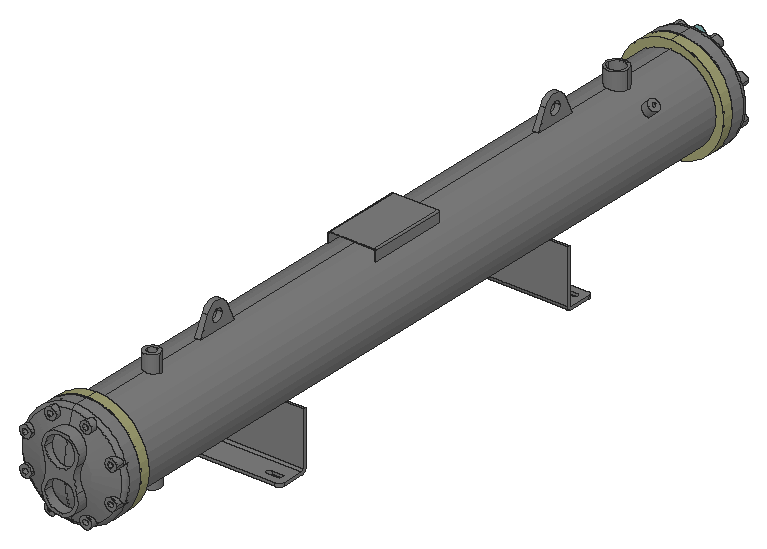
Revit family "MIT-BCM_120_4P", category Specialty Equipment, Revit 2022
Family settings
  Round Connector Dimension = Use Radius
  Part Type = Normal
  Work Plane-Based = No
  Always vertical = Yes
  Cut with Voids When Loaded = No
  Maintain Annotation Orientation = No
  Shared = No
  Room Calculation Point = No
Parameters
  URL = "https://en.ekinendustriyel.com/evaporators-and-condensers"
  Test Pressure = 64.35 bar
  Production Standard = "TS EN 13831"
  Operating Pressure = 45.0 bar
  Model = "MIT-BCM 120_4P"
  Manufacturer = "Ekin Endüstriyel"
  Keynote = "Condensers"
  Description = "MIT- Condensers"
  Default Elevation = 0 mm
Reference planes
  plane 1 "Center (Front/Back)": y = 0
  plane 2: z = 0
  plane 3 "Center (Left/Right)": x = 0
Forms (mm)
  Extrusion 1, solid, material "Ekin Endustriyel-S235JR"
    sketch origin (0, 0, 0) x (1, 0, 0) y (0, 0, 1)
      loop
        circle (0, 164.15) r 84.15
    from -677.708 to 682.368
  Extrusion 2, solid, material "Ekin Endustriyel-S235JR", detail levels fine
    sketch origin (0, 0, 0) x (1, 0, 0) y (0, 0, 1)
      loop
        line (-45, 235.88) -> (-44, 235.88) -> (-44, 252.88)
        arc (-44, 252.88) -> (-43.414, 254.294) -> (-42, 254.88) r 2
        line (-42, 254.88) -> (42, 254.88)
        arc (42, 254.88) -> (43.414, 254.294) -> (44, 252.88) r 2
        line (44, 252.88) -> (44, 235.88) -> (45, 235.88) -> (45, 252.88)
        arc (45, 252.88) -> (44.121, 255.002) -> (42, 255.88) r 3
        line (42, 255.88) -> (-42, 255.88)
        arc (-42, 255.88) -> (-44.121, 255.002) -> (-45, 252.88) r 3
        line (-45, 252.88) -> (-45, 235.88)
    from -72.707 to 77.293
  Extrusion 3, solid, material "Ekin Endustriyel-S235JR", detail levels fine
    sketch origin (0, 297.897, 0) x (1, 0, 0) y (0, 1, 0)
      loop
        circle (1.19, 249.81) r 20.25
      loop
        circle (1.19, 249.81) r 16.251
    from 278.3 to 204.31
  Extrusion 4, solid, material "Ekin Endustriyel-S235JR", detail levels fine
    sketch origin (0, -301.958, 0) x (1, 0, 0) y (0, 1, 0)
      loop
        circle (1.19, -250.334) r 15.25
      loop
        circle (1.19, -250.334) r 8.928
    from 278.3 to 211.07
  Extrusion 5, solid, material "Ekin Endustriyel-S235JR", detail levels fine
    sketch origin (71.72, 547.563, 235.87) x (0, 1, 0) y (-0.707107, 0, 0.707107)
      loop
        circle (0, 0) r 11
      loop
        circle (0, 0) r 4.216
    from 0 to -32.02
  Extrusion 6, solid, material "Ekin Endustriyel-S235JR", detail levels fine
    sketch origin (0, -302.583, 0) x (1, 0, 0) y (0, 1, 0)
      loop
        circle (1.19, -249.709) r 16.75
      loop
        circle (1.19, -249.709) r 13.335
    from 51.131 to 169.15
  Extrusion 7, solid, material "Ekin Endustriyel-AISI316L", detail levels medium+fine
    sketch origin (0, -352.034, 0) x (1, 0, 0) y (0, 0, 1)
      loop
        circle (0, 164.15) r 100
    from 330.334 to 350.334
  Extrusion 8, solid, material "Ekin Endustriyel-AISI316L", detail levels medium+fine
    sketch origin (0, 978.042, 0) x (1, 0, 0) y (0, 0, 1)
      loop
        circle (0, 164.15) r 100
    from 280.334 to 300.334
  Revolve 9, solid, material "Ekin Endustriyel-S235JR", detail levels medium+fine
    sketch origin (0, -352.034, 0) x (0, 1, 0) y (0, 0, 1)
      loop
        line (-352.334, 264.15) -> (-377.299, 264.15)
        arc (-377.299, 264.15) -> (-382.802, 262.5) -> (-386.489, 258.094) r 10
        arc (-386.489, 258.094) -> (-401.262, 212.101) -> (-407.122, 164.15) r 255.705
        line (-407.122, 164.15) -> (-352.334, 164.15) -> (-352.334, 264.15)
      axis (-352.334, 164.15) -> (-407.122, 164.15)
    angle from 0 to 360
  Revolve 10, solid, material "Ekin Endustriyel-S235JR", detail levels medium+fine
    sketch origin (0, 347.373, 0) x (0, -1, 0) y (0, 0, -1)
      loop
        line (-352.334, -264.15) -> (-352.334, -164.15) -> (-407.122, -164.15)
        arc (-407.122, -164.15) -> (-401.262, -212.101) -> (-386.489, -258.094) r 255.705
        arc (-386.489, -258.094) -> (-382.802, -262.5) -> (-377.299, -264.15) r 10
        line (-377.299, -264.15) -> (-352.334, -264.15)
      axis (-352.334, -164.15) -> (-407.122, -164.15)
    angle from 0 to 360
  Extrusion 11, solid, material "Ekin Endustriyel-S235JR", detail levels coarse
    sketch origin (0, 0, 0) x (1, 0, 0) y (0, 0, 1)
      loop
        circle (0, 164.159) r 99.991
    from -754.707 to 769.293
  Extrusion 12, solid, material "Ekin Endustriyel-S235JR"
    sketch origin (0, 173.042, 0) x (0, 1, 0) y (0, 0, 1)
      loop
        arc (134.666, 9) -> (137.302, 2.636) -> (143.666, 0) r 9
        line (143.666, 0) -> (194.666, 0) -> (194.666, 5) -> (143.666, 5)
        arc (143.666, 5) -> (140.837, 6.172) -> (139.666, 9) r 4
        line (139.666, 9) -> (139.666, 110) -> (134.666, 110) -> (134.666, 9)
    from -100 to 100
  Extrusion 13, void
    sketch origin (0, 367.707, 5) x (0, -1, 0) y (1, 0, 0)
      loop
        line (25.25, 63.5) -> (25.25, 83.5)
        arc (25.25, 83.5) -> (20, 88.75) -> (14.75, 83.5) r 5.25
        line (14.75, 83.5) -> (14.75, 63.5)
        arc (14.75, 63.5) -> (20, 58.25) -> (25.25, 63.5) r 5.25
      loop
        line (10, 100) -> (-10, 100) -> (-10, -100) -> (10, -100)
        arc (10, -100) -> (2.929, -97.071) -> (0, -90) r 10
        line (0, -90) -> (0, 90)
        arc (0, 90) -> (2.929, 97.071) -> (10, 100) r 10
      loop
        arc (14.75, -83.5) -> (20, -88.75) -> (25.25, -83.5) r 5.25
        line (25.25, -83.5) -> (25.25, -63.5)
        arc (25.25, -63.5) -> (20, -58.25) -> (14.75, -63.5) r 5.25
        line (14.75, -63.5) -> (14.75, -83.5)
    from -5 to 0
  Extrusion 14, solid, material "Ekin Endustriyel-S235JR"
    sketch origin (0, -177.627, 0) x (0, -1, 0) y (0, 0, -1)
      loop
        line (134.666, -9) -> (134.666, -110) -> (139.666, -110) -> (139.666, -9)
        arc (139.666, -9) -> (140.837, -6.172) -> (143.666, -5) r 4
        line (143.666, -5) -> (194.666, -5) -> (194.666, 0) -> (143.666, 0)
        arc (143.666, 0) -> (137.302, -2.636) -> (134.666, -9) r 9
    from -100 to 100
  Extrusion 15, void
    sketch origin (0, -372.293, 5) x (0, 1, 0) y (-1, 0, 0)
      loop
        arc (25.25, -63.5) -> (20, -58.25) -> (14.75, -63.5) r 5.25
        line (14.75, -63.5) -> (14.75, -83.5)
        arc (14.75, -83.5) -> (20, -88.75) -> (25.25, -83.5) r 5.25
        line (25.25, -83.5) -> (25.25, -63.5)
      loop
        arc (10, -100) -> (2.929, -97.071) -> (0, -90) r 10
        line (0, -90) -> (0, 90)
        arc (0, 90) -> (2.929, 97.071) -> (10, 100) r 10
        line (10, 100) -> (-10, 100) -> (-10, -100) -> (10, -100)
      loop
        line (14.75, 83.5) -> (14.75, 63.5)
        arc (14.75, 63.5) -> (20, 58.25) -> (25.25, 63.5) r 5.25
        line (25.25, 63.5) -> (25.25, 83.5)
        arc (25.25, 83.5) -> (20, 88.75) -> (14.75, 83.5) r 5.25
    from -5 to 0
  Extrusion 16, solid, material "Ekin Endustriyel-S235JR", detail levels medium+fine
    sketch origin (40, -352.034, 0) x (1, 0, 0) y (0, 0, 1)
      loop
        circle (-38.81, 201.65) r 28.5
      loop
        circle (-38.81, 126.65) r 28.5
      loop
        arc (-8.128, 185.875) -> (-37.187, 236.112) -> (-70.839, 188.829) r 34.5
        arc (-70.839, 188.829) -> (-65.102, 164.15) -> (-70.839, 139.471) r 55.945
        arc (-70.839, 139.471) -> (-38.81, 92.15) -> (-6.781, 139.471) r 34.5
        arc (-6.781, 139.471) -> (-12.495, 162.527) -> (-8.128, 185.875) r 55.945
    from 390.526 to 417.259
  Extrusion 17, solid, material "Ekin Endustriyel-Zinc", detail levels medium+fine
    sketch origin (0, 348.042, 0) x (1, 0, 0) y (0, 0, 1)
      loop
        circle (0, 246.649) r 12.497
      loop
        circle (0, 246.649) r 5.497
    from -396.666 to -367.889
  Extrusion 18, solid, material "Ekin Endustriyel-S235JR", detail levels medium+fine
    sketch origin (0, -352.034, 0) x (1, 0, 0) y (0, 0, -1)
      loop
        circle (-80.837, -197.64) r 11
      loop
        circle (-80.837, -197.64) r 5.497
      loop
        circle (-80.837, -130.66) r 11
      loop
        circle (-80.837, -130.66) r 5.497
      loop
        circle (80.837, -197.64) r 11
      loop
        circle (80.837, -197.64) r 5.497
      loop
        circle (80.837, -130.66) r 11
      loop
        circle (80.837, -130.66) r 5.497
      loop
        circle (33.49, -244.987) r 11
      loop
        circle (33.49, -244.987) r 5.497
      loop
        circle (-33.49, -244.987) r 11
      loop
        circle (-33.49, -244.987) r 5.497
      loop
        circle (33.49, -83.313) r 11
      loop
        circle (33.49, -83.313) r 5.497
      loop
        circle (-33.49, -83.313) r 11
      loop
        circle (-33.49, -83.313) r 5.497
    from -396.666 to -367.889
  Extrusion 19, solid, material "Ekin Endustriyel-S235JR", detail levels medium+fine
    sketch origin (0, 348.042, 0) x (1, 0, 0) y (0, 0, 1)
      loop
        circle (-35.355, 199.505) r 22
      loop
        circle (35.355, 128.795) r 22
    from -406.666 to -351.666
  Extrusion 20, solid, material "Ekin Endustriyel-S235JR", detail levels fine
    sketch origin (0, -0.334, 0) x (0, -1, 0) y (0, 0, -1)
      loop
        line (-438.042, -248.151) -> (-420.514, -284.106)
        arc (-420.514, -284.106) -> (-398.042, -298.151) -> (-375.57, -284.106) r 25
        line (-375.57, -284.106) -> (-358.042, -248.151) -> (-438.042, -248.151)
      loop
        circle (-398.042, -273.151) r 12.5
      loop
        line (441.958, -248.151) -> (361.958, -248.151) -> (379.486, -284.106)
        arc (379.486, -284.106) -> (401.958, -298.151) -> (424.43, -284.106) r 25
        line (424.43, -284.106) -> (441.958, -248.151)
      loop
        circle (401.958, -273.151) r 12.5
    from -5 to 5
  Extrusion 21, solid, material "Ekin Endustriyel-S235JR", detail levels medium+fine
    sketch origin (0, 348.042, 0) x (1, 0, 0) y (0, 0, 1)
      loop
        circle (-80.837, 197.64) r 11
      loop
        circle (-80.837, 197.64) r 5.497
      loop
        circle (-80.837, 130.66) r 11
      loop
        circle (-80.837, 130.66) r 5.497
      loop
        circle (80.837, 197.64) r 11
      loop
        circle (80.837, 197.64) r 5.497
      loop
        circle (80.837, 130.66) r 11
      loop
        circle (80.837, 130.66) r 5.497
      loop
        circle (33.49, 244.987) r 11
      loop
        circle (33.49, 244.987) r 5.497
      loop
        circle (-33.49, 244.987) r 11
      loop
        circle (-33.49, 244.987) r 5.497
      loop
        circle (33.49, 83.313) r 11
      loop
        circle (33.49, 83.313) r 5.497
      loop
        circle (-33.49, 83.313) r 11
      loop
        circle (-33.49, 83.313) r 5.497
      loop
        circle (0, 81.651) r 12.497
      loop
        circle (0, 81.651) r 5.497
    from -396.666 to -367.889
Cuts and joins
  Extrusion 13, Extrusion 15 cuts Extrusion 12
  Extrusion 15 cuts Extrusion 14
  joined: Extrusion 1, Extrusion 12, Extrusion 14
Dimensions and locks
  aligned and locked: level to plane 2
Connectors
  piping at (1.19, -769.293, 201.65), diameter 50.8
    settings: on Extrusion 16, index 1, connector inside diameter 609.6 mm, connector length 0 mm, flow factor 0, pipe flow 0.0 L/s, pressure drop 0.0 Pa, fitting loss kfactor 0, connector angle 0.00°, fixture units 0, engagement length 0 mm, angle of deflection 0.00°, flow configuration 0, flow direction 1, fitting loss method 0, system type 7, joint type 0, gender type 0, connector reference index -1, connector utility 0, adjustable connector no, is connector primary yes, connector description ""
  piping at (1.19, -769.293, 126.65), diameter 50.8
    settings: on Extrusion 16, index 2, connector inside diameter 609.6 mm, connector length 0 mm, flow factor 0, pipe flow 0.0 L/s, pressure drop 0.0 Pa, fitting loss kfactor 0, connector angle 0.00°, fixture units 0, engagement length 0 mm, angle of deflection 0.00°, flow configuration 0, flow direction 2, fitting loss method 0, system type 7, joint type 0, gender type 0, connector reference index -1, connector utility 0, adjustable connector no, is connector primary no, connector description ""
  hvac at (1.19, 547.707, 278.3)
    settings: on Extrusion 3, index 3, duct flow 0.0 L/s, flow factor 0, pres drop 0.0 bar, loss coef 0, conn angle 0.00°, conn width 304.8 mm, conn height 304.8 mm, conn diameter 35 mm, duct sys type 3, conn prof type 0, flow config 0, flow direction 0, loss method 0, conn ref index -1, conn util no, is conn primary yes, conn desc ""
  hvac at (1.19, -552.293, 51.131)
    settings: on Extrusion 6, index 4, duct flow 0.0 L/s, flow factor 0, pres drop 0.0 bar, loss coef 0, conn angle 0.00°, conn width 304.8 mm, conn height 304.8 mm, conn diameter 28 mm, duct sys type 3, conn prof type 0, flow config 0, flow direction 0, loss method 0, conn ref index -1, conn util no, is conn primary no, conn desc ""
